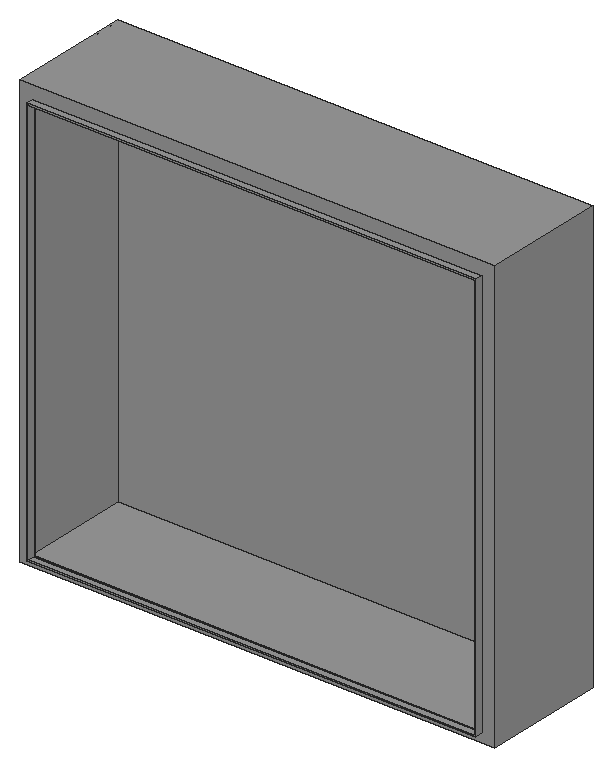
Revit family "Hager-Univers-IP30-D160-Cl.II-FWB-encl--NoHosted-NL-en", category Equipement électrique, Revit 2020
Family settings
  Configuration du panneau = Deux colonnes, circuits au sein
  Cote de connecteur circulaire = Utiliser le diamètre
  Type d'élément = Tableau de raccordement
  Basée sur le plan de construction = Oui
  Toujours verticalement = Oui
  Couper avec des vides une fois chargée = Non
  Partagée = Non
  Point de calcul de pièce = Non
Parameters (values of type "Surface mounted (plaster) IP30 W550 H500 D160  - FWQ32D1")
  Width Control [instance] = if([EF000008 - Width] > Min Width, [EF000008 - Width], Min Width)  # 550 mm
  Commentaires du type = [HG000003 - Range]  # "Univers"
  Thickness Door [instance] = if([EF009171 - Material plate thickness door/cover] > 3 mm, 3 mm, [EF009171 - Material plate thickness door/cover])  # 1 mm
  Seal Frame Offset [instance] = 17 mm  # constant formula
  Plinth Visibility [instance] = [HG000027 - Plinth height] > 0 mm  # no
  Min Width [instance] = 100 mm  # constant formula
  Min Depth [instance] = (2 * [EF009170 - Material plate thickness cabinet]) + 1 mm  # 3 mm
  Min Height [instance] = 100 mm  # constant formula
  Internal Frame Depth [instance] = (Door System Depth * 0.5)  # 9 mm
  Panel Name [instance] = ""  # (empty or 0)
  Model = ""
  HG000027 - Plinth height = 0 mm
  HG000026 - Floor standing = no
  HG000024 - Bottom section height = 600 mm
  HG000023 - Double section enclosure = no
  HG000016 - Door 3d visibility [instance] = yes
  HG000015 - Clearance visibility [instance] = no
  HG000014 - Door on the right [instance] = yes
  HG000013 - Door on the left [instance] = not([HG000014 - Door on the right])  # no
  HG000012 - Door swing angle [instance] = 30.00°
  HG000010 - Asymmetric doors = no
  HG000009 - Double swing door = no
  HG000006 - Flush mounted = no
  HG000004 - Manufacturer reference = "FWQ32D1"
  HG000003 - Range = "Univers"
  HG000002 - With door or cover = no
  Frame Offset Bottom [instance] = 10 mm  # constant formula
  Frame Offset [instance] = 15 mm  # constant formula
  EF015940 - Cover with overpressure release = no
  EF011959 - Degree of protection (NEMA) = ""
  EF009554 - Number of openings for flange plates = 4
  EF009212 - Cover model = "EV009916 - With notch"
  EF009171 - Material plate thickness door/cover = 1 mm
  EF009170 - Material plate thickness cabinet = 1 mm
  EF008873 - Nominal current (In) = 125 A
  EF007800 - Suitable for lightning protection = no
  EF006306 - With lock = no
  EF006244 - Transparent cover/door = no
  EF005474 - Degree of protection (IP) = "EV006410 - IP30"
  EF004464 - Type of door = "EV002646 - Single"
  EF004427 - Number of modules = 72
  EF004293 - Impact strength = ""
  EF003532 - Suitable for outdoor use = no
  EF002950 - Width in number of modular spacings = 24
  EF001613 - Circuit integrity = "EV000494 - None"
  EF001596 - Material housing = "EV000179 - Steel"
  EF001131 - Internal depth = 160 mm
  EF001088 - Extension possible = yes
  EF000437 - Number of conduit inlets = 8
  EF000339 - Type of cover = "EV001012 - Cover"
  EF000266 - Number of rows = 6
  EF000218 - Built-in depth = 0 mm
  EF000118 - With mounting plate = yes
  EF000116 - RAL-number = "9010"
  EF000049 - Depth = 160 mm
  EF000040 - Height = 500 mm
  EF000008 - Width = 550 mm
  EF000007 - Colour = "EV000202 - White"
  EF000003 - Mounting method = "EV000384 - Surface mounted (plaster)"
  Door System Leaf Tolerance [instance] = 1.5 mm  # constant formula
  Door System Depth [instance] = 18 mm  # constant formula
  Door Height [instance] = Height Control - [HG000027 - Plinth height]  # 500 mm
  Description = ""
  Default Elevation = 1219.2 mm
  Connector Offset [instance] = Height Control / 2  # 250 mm
  Fabricant = "Hager"  # constant formula
  Height Control [instance] = if([EF000040 - Height] > Min Height, [EF000040 - Height], Min Height)  # 500 mm
  Depth Control [instance] = if([EF000049 - Depth] > Min Depth, [EF000049 - Depth], Min Depth)  # 160 mm
  Bottom Top Plate Trim [instance] = 1.5 mm  # constant formula
  Plinth height Ctrl [instance] = if([HG000027 - Plinth height] > 0 mm, [HG000027 - Plinth height], 12 mm)  # 12 mm
Types (2, lengths in mm): name | Width Control | Thickness Door | Min Depth | HG000004 - Manufacturer reference | EF009554 - Number of openings for flange plates | EF009171 - Material plate thickness door/cover | EF009170 - Material plate thickness cabinet | EF004427 - Number of modules | EF002950 - Width in number of modular spacings | EF000437 - Number of conduit inlets | EF000266 - Number of rows | EF000008 - Width
  Surface mounted (plaster) IP30 W300 H500 D160  - FWQ31D1 | 300 | 2 | 5 | "FWQ31D1" | 2 | 2 | 2 | 36 | 12 | 4 | 3 | 300
  Surface mounted (plaster) IP30 W550 H500 D160  - FWQ32D1 | 550 | 1 | 3 | "FWQ32D1" | 4 | 1 | 1 | 72 | 24 | 8 | 6 | 550
Reference planes
  plane 1 "Center (Front/Back)": y = 0
  plane 2: z = 0
  plane 3 "Center (Left/Right)": x = 0
  plane 4: y = 0
  plane 5: y = 0
  plane 6: z = 0
  plane 7: x = -275
  plane 8: x = 275
  plane 9: x = 274
  plane 10: x = -274
  plane 11: z = 0
  plane 12: z = 1
  plane 13: y = -160
  plane 14: y = -1
  plane 15: x = 0
  plane 16: y = -142
  plane 17: y = -159
  plane 18: y = -141
  plane 19: x = -259
  plane 20: x = 259
  plane 21: z = 11
  plane 22: x = -258
  plane 23: x = 258
  plane 24: z = 0
  plane 25: z = 500
  plane 26: z = 500
  plane 27: z = 484
  plane 28: z = 499
Forms (mm)
  Extrusion 1, solid, material "Hager_Steel_RAL7035_Light_Grey", detail levels medium+fine
    sketch origin (-208.679, -4572, 0) x (-1, 0, 0) y (0, -1, 0)
      loop
        line (66.321, -4430) -> (-483.679, -4430) -> (-483.679, -4572) -> (66.321, -4572) -> (66.321, -4430)
    from 0 to 500
  Extrusion 2, void
    sketch origin (-350.771, -160, 1219.2) x (1, 0, 0) y (0, 0, 1)
      loop
        line (76.771, -720.2) -> (76.771, -1218.2) -> (624.771, -1218.2) -> (624.771, -720.2) -> (76.771, -720.2)
    from -19 to -159
  Extrusion 3, void
    sketch origin (-290.084, -142, 1219.2) x (1, 0, 0) y (0, 0, 1)
      loop
        line (31.084, -1208.2) -> (549.084, -1208.2) -> (549.084, -735.2) -> (31.084, -735.2) -> (31.084, -1208.2)
    from 0 to -1
  Extrusion 4, solid, material "Hager_Steel_RAL7035_Light_Grey", visible <- "Plinth Visibility", detail levels medium+fine
    sketch origin (0, 0, 0) x (1, 0, 0) y (0, 1, 0)
      loop
        line (-275, 0) -> (-275, -142) -> (275, -142) -> (275, 0) -> (-275, 0)
    from 0 to 12 <- "Plinth height Ctrl"
  Extrusion 5, solid, material "Hager_Steel_RAL7035_Light_Grey", detail levels coarse
    sketch origin (0, 0, 0) x (1, 0, 0) y (0, 1, 0)
      loop
        line (-275, 0) -> (-275, -160) -> (275, -160) -> (275, 0) -> (-275, 0)
    from 0 to 500 <- "Height Control"
  Sweep 6, void
    path in 3D
      loop
        line (-275, -142, 12) -> (275, -142, 12) -> (275, 0, 12) -> (-275, 0, 12) -> (-275, -142, 12)
    profile origin (-275, -71, 12) x (1, 0, 0) y (0, 0, 1)
      loop
        line (0, 0) -> (0, -1.5) -> (1.5, -1.5)
        arc (1.5, -1.5) -> (1.061, -0.439) -> (0, 0) r 1.5
  Extrusion 7, solid, material "Hager_Steel_RAL7035_Light_Grey", detail levels fine
    sketch origin (-275, -142, 0) x (1, 0, 0) y (0, 0, 1)
      loop
        line (16, 11) -> (534, 11) -> (534, 484) -> (16, 484) -> (16, 11)
      loop
        line (15, 10) -> (535, 10) -> (535, 485) -> (15, 485) -> (15, 10)
    from 0 to 9 <- "Internal Frame Depth"
Cuts and joins
  Extrusion 2, Extrusion 3 cuts Extrusion 1
  Sweep 6 cuts Extrusion 4
Lines and regions (mm)
  Masking region 1
    outline origin (0, 0, 0) x (1, 0, 0) y (0, 1, 0)
      loop
        line (-275, 0) -> (-275, -160) -> (275, -160) -> (275, 0) -> (-275, 0)
  Masking region 2, detail levels coarse
    outline origin (-290.084, -142, 1219.2) x (-1, 0, 0) y (0, 0, 1)
      loop
        line (-565.084, -1219.2) -> (-15.084, -1219.2) -> (-15.084, -719.2) -> (-565.084, -719.2) -> (-565.084, -1219.2)
  Masking region 3, detail levels coarse
    outline origin (0, 0, 0) x (0, 1, 0) y (0, 0, 1)
      loop
        line (0, 0) -> (0, 500) -> (-160, 500) -> (-160, 0) -> (0, 0)
  Masking region 4, visible <- "Plinth Visibility", detail levels medium+fine
    outline origin (0, 0, 0) x (0, 1, 0) y (0, 0, 1)
      loop
        line (-1.5, 12) -> (-140.5, 12)
        arc (-140.5, 12) -> (-140.939, 10.939) -> (-142, 10.5) r 1.5
        line (-142, 10.5) -> (-142, 0) -> (0, 0) -> (0, 10.5)
        arc (0, 10.5) -> (-1.061, 10.939) -> (-1.5, 12) r 1.5
  Masking region 5, detail levels medium+fine
    outline origin (0, 0, 594.038) x (0, 1, 0) y (0, 0, 1)
      loop
        line (0, -594.038) -> (0, -94.038) -> (-142, -94.038) -> (-142, -594.038) -> (0, -594.038)
  Masking region 6, detail levels medium+fine
    outline origin (-359.7, -142, 1211.883) x (-1, 0, 0) y (0, 0, 1)
      loop
        line (-634.7, -1211.883) -> (-84.7, -1211.883) -> (-84.7, -711.883) -> (-634.7, -711.883) -> (-634.7, -1211.883)
  Masking region 7, visible <- "Plinth Visibility", detail levels medium+fine
    outline origin (-320.334, -142, 1041.368) x (-1, 0, 0) y (0, 0, 1)
      loop
        line (-595.334, -1041.368) -> (-45.334, -1041.368) -> (-45.334, -1030.868)
        arc (-45.334, -1030.868) -> (-46.394, -1030.429) -> (-46.834, -1029.368) r 1.5
        line (-46.834, -1029.368) -> (-593.834, -1029.368)
        arc (-593.834, -1029.368) -> (-594.273, -1030.429) -> (-595.334, -1030.868) r 1.5
        line (-595.334, -1030.868) -> (-595.334, -1041.368)
  sketch lines
    curve 1: line (-275, 0, 12) -> (-275, -142, 12)
    curve 2: line (-275, -142, 12) -> (275, -142, 12)
    curve 3: line (275, 0, 12) -> (-275, 0, 12)
    curve 4: line (275, -142, 12) -> (275, 0, 12)
Dimensions and locks
  locked: plane 1 "Center (Front/Back)" to plane 5
  "EF009170 - Material plate thickness cabinet": plane 7 to plane 10
  "EF009170 - Material plate thickness cabinet": plane 8 to plane 9
  equal spacing: plane 7, plane 3 "Center (Left/Right)", plane 8
  "Width Control": plane 7 to plane 8
  "Depth Control": plane 4 to plane 13
  "EF009170 - Material plate thickness cabinet": plane 4 to plane 14
  "Height Control": plane 25 to level
  "HG000027 - Plinth height": plane 11 to level
  "EF009170 - Material plate thickness cabinet": plane 12 to plane 11
  "EF009170 - Material plate thickness cabinet": plane 17 to plane 13
  "EF009170 - Material plate thickness cabinet": plane 18 to plane 16
  "Frame Offset Bottom": plane 21 to plane 12
  "Frame Offset": plane 10 to plane 19
  "Frame Offset": plane 9 to plane 20
  "Door System Depth": plane 16 to plane 13
  "Seal Frame Offset": plane 7 to plane 22
  "Seal Frame Offset": plane 8 to plane 23
  "EF009170 - Material plate thickness cabinet": plane 26 to plane 28
  "Frame Offset": plane 28 to plane 27
  "Connector Offset": plane 2 to connector elem
  "Bottom Top Plate Trim": profile plane to Sweep 6 sketch curve
  "Bottom Top Plate Trim": Sweep 6 sketch curve to Sweep 6 sketch curve
  "Plinth height Ctrl": Masking region 4 sketch curve to level
  "Plinth height Ctrl": Masking region 7 sketch curve to level
  "Thickness Door": Extrusion 7 sketch curve to Extrusion 7 sketch curve  (x4)
  "Bottom Top Plate Trim": radius of Sweep 6 sketch curve
  "Bottom Top Plate Trim": radius of Masking region 4 sketch curve  (x2)
  "Bottom Top Plate Trim": radius of Masking region 7 sketch curve  (x2)
  aligned and locked: Extrusion 2 sketch curve to plane 12
  aligned and locked: Extrusion 2 sketch curve to plane 9
  aligned and locked: Extrusion 2 sketch curve to plane 10
  aligned and locked: plane 14 to Extrusion 2
  aligned and locked: plane 4 to Extrusion 1 sketch curve
  aligned and locked: plane 8 to Extrusion 1 sketch curve
  aligned and locked: plane 7 to Extrusion 1 sketch curve
  aligned and locked: Extrusion 2 to plane 18
  aligned and locked: plane 19 to Extrusion 3 sketch curve
  aligned and locked: plane 20 to Extrusion 3 sketch curve
  aligned and locked: Extrusion 3 to Extrusion 2
  aligned and locked: Extrusion 3 sketch curve to plane 21
  aligned and locked: plane 3 "Center (Left/Right)" to nested 1
  aligned and locked: Extrusion 1 sketch curve to plane 16
  aligned and locked: Extrusion 4 sketch curve to cut or joined group of Extrusion 1, Extrusion 2, Extrusion 3
  aligned and locked: Masking region 1 sketch curve to plane 7
  aligned and locked: Masking region 1 sketch curve to plane 5
  aligned and locked: Masking region 1 sketch curve to plane 8
  aligned and locked: Masking region 2 sketch curve to level
  aligned and locked: level to Masking region 3 sketch curve
  aligned and locked: plane 1 "Center (Front/Back)" to Masking region 3 sketch curve
  aligned and locked: plane 13 to Masking region 3 sketch curve
  aligned and locked: plane 5 to Masking region 4 sketch curve
  aligned and locked: Masking region 2 sketch curve to plane 8
  aligned and locked: Masking region 2 sketch curve to plane 7
  aligned and locked: plane 7 to nested 2
  aligned and locked: nested 2 to plane 5
  aligned and locked: plane 5 to Masking region 5 sketch curve
  aligned and locked: plane 26 to Masking region 5 sketch curve
  aligned and locked: Extrusion 5 sketch curve to plane 8
  aligned and locked: Extrusion 5 sketch curve to plane 7
  aligned and locked: Extrusion 5 sketch curve to plane 5
  aligned and locked: Extrusion 3 sketch curve to plane 27
  aligned and locked: Extrusion 2 sketch curve to plane 28
  aligned and locked: Masking region 2 to plane 25
  aligned and locked: Extrusion 4 to plane 16
  aligned and locked: profile plane to Sweep 6 sketch curve
  aligned and locked: Masking region 5 sketch curve to plane 24
  aligned and locked: level to Masking region 4 sketch curve
  aligned and locked: Masking region 1 to plane 13
  aligned and locked: nested 1 to plane 16
  aligned and locked: Masking region 3 to plane 25
  aligned and locked: plane 16 to Masking region 4 sketch curve
  aligned and locked: Masking region 5 sketch curve to plane 16
  aligned and locked: plane 24 to plane 11
  aligned and locked: plane 26 to plane 25
  aligned and locked: plane 26 to cut or joined group of Extrusion 1, Extrusion 2, Extrusion 3
  aligned and locked: nested 1 to plane 24
  aligned and locked: Extrusion 1 to Extrusion 3
  aligned and locked: Masking region 6 sketch curve to plane 8
  aligned and locked: Masking region 6 sketch curve to plane 24
  aligned and locked: Masking region 6 sketch curve to plane 7
  aligned and locked: Masking region 6 sketch curve to plane 26
  aligned and locked: Masking region 7 sketch curve to plane 7
  aligned and locked: level to Masking region 7 sketch curve
  aligned and locked: Masking region 7 sketch curve to plane 8
  aligned and locked: Extrusion 7 sketch curve to cut or joined group of Extrusion 1, Extrusion 2, Extrusion 3  (x4)
Automatic sketch dimensions
  plane 19 to Extrusion 3 sketch curve = 0 mm
  Extrusion 3 sketch curve to plane 20 = 0 mm
  Extrusion 3 sketch curve to plane 21 = 0 mm
  Extrusion 4 sketch curve to plane 7 = 0 mm
  Extrusion 4 sketch curve to plane 8 = 0 mm
  Extrusion 4 sketch curve to plane 16 = 0 mm
  Masking region 1 sketch curve to plane 13 = 0 mm
  Masking region 2 sketch curve to plane 25 = 0 mm
  Masking region 3 sketch curve to plane 25 = 0 mm
  Extrusion 5 sketch curve to plane 13 = 0 mm
  profile plane to Sweep 6 sketch curve = 0 mm
Nested families
  nested 1: "EC000058_Univers_Door" at (0, -142, 0), Double <- "HG000009 - Double swing door", Transparent <- "EF006244 - Transparent cover/door", Angle <- "HG000012 - Door swing angle", Door_Right <- "HG000014 - Door on the right", Assymetrical <- "HG000010 - Asymmetric doors", Door <- "HG000002 - With door or cover", Width_Ctrl <- "Width Control", 3d_Door <- "HG000016 - Door 3d visibility", Clearance <- "HG000015 - Clearance visibility", Door_Left <- "HG000013 - Door on the left", Width <- "Width Control", Door_Depth <- "Door System Depth", Leaf_Tolerance <- "Door System Leaf Tolerance", Height <- "Door Height", Lock_Visibility <- "EF006306 - With lock", Thickness <- "Thickness Door", type "EC000058_Univers_Door", detail levels medium+fine
    with min_wh 3 mm, Width_Ctrl 550 mm, Width 550 mm, Transparent no, Thickness 1 mm, Seal_Material Hager_Rubber, Lock_Visibility no, Lock_Material Hager_Plastic_RAL9005_Jet_Black, Leaf_Width 550 mm, Leaf_Tolerance_External_Sides 0 mm, Leaf_Tolerance 1.5 mm, Leaf_Offset 0 mm, Leaf_Height 497 mm, Leaf_2_Width 550 mm, Leaf_2_Offset 275 mm, Leaf_1_Width 550 mm, Leaf_1_Offset 275 mm, Height_Ctrl 500 mm, Height 500 mm, Glass_Material Hager_Glass, Double_Clearance_Ctrl no, Double no, Door_Right_Ctrl no, Door_Right yes, Door_Material Hager_Steel_RAL7035_Light_Grey, Door_Left_Ctrl no, Door_Left no, Door_Depth 18 mm, Door no, Clearance_Material Hager_Clearance, Clearance_Depth 550 mm, Clearance_Ctrl no, Clearance no, Assymetrical no, Angle 30.00°, 3d_Door yes
  nested 2: "Hager_Enclosure_Symbol" at (-275, 0, 0), Height <- "Depth Control", Width <- "Width Control", type "Hager_Enclosure_Symbol"
    with Width_Ctrl 550 mm, Width 550 mm, Height_Ctrl 160 mm, Height 160 mm, A_Width_Int 10.5 mm, A_Width 126 mm, A_Height_Ctrl 140 mm, A_Height 140 mm
Connectors
  electrical at (0, 0, 250)
    settings: on plane 1 "Center (Front/Back)", index 1, voltage 0 V, apparent load 0 VA, apparent load phase1 0 VA, apparent load phase2 0 VA, apparent load phase3 0 VA, power factor 1, load classification "Other", number of poles 1, system type 30, power factor state 1, is connector primary yes, connector utility no, sub classification motor no, connector description ""
Definition of nested family "EC000058_Univers_Door"
  Parameters (values of type "EC000058_Univers_Door")
    min_wh [instance] = (2 * Thickness) + 1 mm  # 11 mm
    Width_Ctrl [instance] = 400 mm
    Width [instance] = 500 mm
    Transparent [instance] = yes
    Thickness [instance] = 5 mm
    Seal_Material [instance] = none
    Lock_Visibility [instance] = yes
    Lock_Material [instance] = none
    Leaf_Width [instance] = if((Width_Ctrl - 2 * Leaf_Tolerance_External_Sides) > 0 mm, (Width_Ctrl - 2 * Leaf_Tolerance_External_Sides), min_wh)  # 400 mm
    Leaf_Tolerance_External_Sides [instance] = 0 mm  # constant formula
    Leaf_Tolerance [instance] = 1.5 mm
    Leaf_Offset [instance] = 0 mm  # constant formula
    Leaf_Height [instance] = if((Height_Ctrl - 2 * Leaf_Tolerance) > 0 mm, (Height_Ctrl - 2 * Leaf_Tolerance), min_wh)  # 497 mm
    Leaf_2_Width [instance] = if(and(and(Double, Assymetrical), Door_Left), (Leaf_Width / 3) - (Leaf_Tolerance / 2), if(and(and(Double, Assymetrical), Door_Right), (Leaf_Width / 3) * 2 - (Leaf_Tolerance / 2), if(and(Double, not(Assymetrical)), (Leaf_Width / 2) - Leaf_Tolerance, Leaf_Width)))  # 400 mm
    Leaf_2_Offset [instance] = if(and(Double, Assymetrical), Leaf_2_Width / 2, if(and(Double, not(Assymetrical)), Leaf_Width / 4, Leaf_Width / 2))  # 200 mm
    Leaf_1_Width [instance] = if(and(and(Double, Assymetrical), Door_Right), (Leaf_Width / 3) - (Leaf_Tolerance / 2), if(and(and(Double, Assymetrical), Door_Left), (Width / 3) * 2 - (Leaf_Tolerance / 2), if(and(Double, not(Assymetrical)), (Leaf_Width / 2) - Leaf_Tolerance, Leaf_Width)))  # 400 mm
    Leaf_1_Offset [instance] = if(and(Double, Assymetrical), Leaf_1_Width / 2, if(and(Double, not(Assymetrical)), Leaf_Width / 4, Leaf_Width / 2))  # 200 mm
    Height_Ctrl [instance] = if(Height > min_wh, Height, min_wh)  # 500 mm
    Height [instance] = 500 mm
    Glass_Material [instance] = none
    Double_Clearance_Ctrl [instance] = and(Double, Clearance)  # no
    Double [instance] = no
    Door_Right_Ctrl [instance] = and(or(Door_Right, Double), Door)  # yes
    Door_Right [instance] = yes
    Door_Material [instance] = none
    Door_Left_Ctrl [instance] = and(or(Door_Left, Double), Door)  # no
    Door_Left [instance] = no
    Door_Depth [instance] = 30 mm
    Door [instance] = yes
    Default Elevation = 1219.2 mm
    Clearance_Material [instance] = none
    Clearance_Depth [instance] = if(Leaf_1_Width > Leaf_2_Width, Leaf_1_Width, Leaf_2_Width)  # 400 mm
    Clearance_Ctrl [instance] = and(not(Double), Clearance)  # yes
    Clearance [instance] = yes
    Assymetrical [instance] = yes
    Angle [instance] = 30.00°
    3d_Door [instance] = yes
  Reference planes
    plane 1 "Center (Front/Back)": y = 0
    plane 2 "Bottom": z = 0
    plane 3 "Center (Left/Right)": x = 0
    plane 4: z = 500
    plane 5: x = -200
    plane 6: x = 200
    plane 7: z = 500
    plane 8: x = -200
    plane 9: z = 0
    plane 10: x = 200
    plane 11: y = 0
    plane 12: z = 1.5
    plane 13: x = -600
    plane 14: y = -400
    plane 15: x = 600
    plane 16: x = 0
    plane 17: x = 0
    plane 18: x = -200
    plane 19: x = 200
    plane 20: z = 498.5
  Forms (mm)
    Extrusion 1, solid, material <- "Clearance_Material", visible <- "Double_Clearance_Ctrl"
      sketch origin (1200, 0, 0) x (1, 0, 0) y (0, 0, -1)
        loop
          line (-1800, -498.5) -> (-600, -498.5) -> (-600, 0) -> (-1800, 0) -> (-1800, -498.5)
      from 0 to -400
  Dimensions and locks
    equal spacing: plane 5, plane 3 "Center (Left/Right)", plane 6
    "Width_Ctrl": plane 5 to plane 6
    "Leaf_Offset": plane 5 to plane 8
    "Leaf_Offset": plane 6 to plane 10
    "Leaf_Offset": plane 9 to level
    "Leaf_Offset": plane 4 to plane 7
    "Height_Ctrl": plane 4 to level
    "Leaf_Tolerance": plane 12 to plane 9
    locked: plane 11 to plane 1 "Center (Front/Back)"
    "Leaf_1_Offset": plane 18 to plane 16
    "Leaf_2_Offset": plane 17 to plane 19
    "Leaf_1_Width": plane 13 to plane 8
    "Leaf_2_Width": plane 10 to plane 15
    "Clearance_Depth": plane 14 to plane 1 "Center (Front/Back)"
    "Leaf_Tolerance_External_Sides": plane 8 to plane 18
    "Leaf_Tolerance_External_Sides": plane 19 to plane 10
    "Leaf_Tolerance": plane 7 to plane 20
    aligned and locked: level to plane 2 "Bottom"
    aligned and locked: nested 1 to plane 16
    aligned and locked: nested 2 to plane 17
    aligned and locked: Extrusion 1 to plane 13
    aligned and locked: plane 15 to Extrusion 1
    aligned and locked: Extrusion 1 to plane 14
    aligned and locked: plane 12 to nested 1
    aligned and locked: nested 2 to plane 12
    aligned and locked: Extrusion 1 to plane 11
    aligned and locked: plane 20 to Extrusion 1
    aligned and locked: nested 2 to plane 11
    aligned and locked: nested 1 to plane 11
  Automatic sketch dimensions
    Extrusion 1 sketch curve to level = 0 mm
    plane 5 to Extrusion 1 sketch curve = 400 mm
    plane 6 to Extrusion 1 sketch curve = 400 mm
    Extrusion 1 sketch curve to plane 4 = 1.5 mm
  Nested families
    nested 1: "EC000058_Univers_Door_Leaf" at (0, 0, 1.5), Width <- "Leaf_1_Width", visible <- "Door_Left_Ctrl", Leaf_Height <- "Leaf_Height", Angle <- "Angle", 3d_Door <- "3d_Door", Transparent <- "Transparent", Clearance Material <- "Clearance_Material", Clearance <- "Clearance_Ctrl", Door_Material <- "Door_Material", Glass_Material <- "Glass_Material", Door_Depth <- "Door_Depth", Lock_Material <- "Lock_Material", Seal_Material <- "Seal_Material", Lock_Visibility <- "Lock_Visibility", Thickness <- "Thickness", type "EC000058_Univers_Door_Leaf"
      with Width 400 mm, Transparent_Glass_Offset 30 mm, Transparent_Ctrl yes, Transparent yes, Thickness 5 mm, Standard no, Seal_Material none, Seal_D2 8 mm, Seal_D1 1 mm, Offset_Internal_Frame 10 mm, Lock_Width 20 mm, Lock_Visibility_3d yes, Lock_Visibility yes, Lock_Thickness_3 3 mm, Lock_Thickness_2 1 mm, Lock_Thickness_1 3 mm, Lock_Radius_Offset_2 16 mm, Lock_Radius_Offset_1 15 mm, Lock_Radius_2 5 mm, Lock_Radius 6 mm, Lock_Offset 5 mm, Lock_Material none, Lock_Height 80 mm, Lock_Cover_Top_Offset_2d 17 mm, Lock_Cover_Height -65 mm, Leaf_Height 497 mm, Internal_Seal_Thickness 8 mm, Internal_Seal_Depth_2 4.5 mm, Internal_Frame_Depth 25 mm, Glass_Thickness -1 mm, Glass_Offset -2 mm, Glass_Material none, Door_Material none, Door_Depth 30 mm, Clearance Material none, Clearance yes, Angle_Ctrl 30.00°, Angle 30.00°, 3d_Door yes
    nested 2: "EC000058_Univers_Door_Leaf" at (0, 0, 1.5) x (-1, 0, 0) z (0, 0, 1), Width <- "Leaf_2_Width", visible <- "Door_Right_Ctrl", Leaf_Height <- "Leaf_Height", Angle <- "Angle", 3d_Door <- "3d_Door", Transparent <- "Transparent", Clearance Material <- "Clearance_Material", Clearance <- "Clearance_Ctrl", Door_Material <- "Door_Material", Glass_Material <- "Glass_Material", Door_Depth <- "Door_Depth", Lock_Material <- "Lock_Material", Seal_Material <- "Seal_Material", Lock_Visibility <- "Lock_Visibility", Thickness <- "Thickness", type "EC000058_Univers_Door_Leaf"
      with Width 400 mm, Transparent_Glass_Offset 30 mm, Transparent_Ctrl yes, Transparent yes, Thickness 5 mm, Standard no, Seal_Material none, Seal_D2 8 mm, Seal_D1 1 mm, Offset_Internal_Frame 10 mm, Lock_Width 20 mm, Lock_Visibility_3d yes, Lock_Visibility yes, Lock_Thickness_3 3 mm, Lock_Thickness_2 1 mm, Lock_Thickness_1 3 mm, Lock_Radius_Offset_2 16 mm, Lock_Radius_Offset_1 15 mm, Lock_Radius_2 5 mm, Lock_Radius 6 mm, Lock_Offset 5 mm, Lock_Material none, Lock_Height 80 mm, Lock_Cover_Top_Offset_2d 17 mm, Lock_Cover_Height -65 mm, Leaf_Height 497 mm, Internal_Seal_Thickness 8 mm, Internal_Seal_Depth_2 4.5 mm, Internal_Frame_Depth 25 mm, Glass_Thickness -1 mm, Glass_Offset -2 mm, Glass_Material none, Door_Material none, Door_Depth 30 mm, Clearance Material none, Clearance yes, Angle_Ctrl 30.00°, Angle 30.00°, 3d_Door yes
  Definition of nested family "EC000058_Univers_Door_Leaf"
    Parameters (values of type "EC000058_Univers_Door_Leaf")
      Width [instance] = 2000 mm
      Transparent_Glass_Offset [instance] = 30 mm
      Transparent_Ctrl [instance] = and(Transparent, [3d_Door])  # yes
      Transparent [instance] = yes
      Thickness [instance] = 5 mm
      Standard [instance] = and(not(Transparent), [3d_Door])  # no
      Seal_Material [instance] = none
      Seal_D2 [instance] = 8 mm  # constant formula
      Seal_D1 [instance] = 1 mm  # constant formula
      Offset_Internal_Frame [instance] = 10 mm  # constant formula
      Lock_Width [instance] = 20 mm  # constant formula
      Lock_Visibility_3d [instance] = and(Lock_Visibility, [3d_Door])  # yes
      Lock_Visibility [instance] = yes
      Lock_Thickness_3 [instance] = 3 mm  # constant formula
      Lock_Thickness_2 [instance] = 1 mm  # constant formula
      Lock_Thickness_1 [instance] = 3 mm  # constant formula
      Lock_Radius_Offset_2 [instance] = Lock_Radius_Offset_1 + 1 mm  # 16 mm
      Lock_Radius_Offset_1 [instance] = 15 mm  # constant formula
      Lock_Radius_2 [instance] = Lock_Radius - 1 mm  # 5 mm
      Lock_Radius [instance] = 6 mm  # constant formula
      Lock_Offset [instance] = 5 mm  # constant formula
      Lock_Material [instance] = none
      Lock_Height [instance] = 80 mm  # constant formula
      Lock_Cover_Top_Offset_2d [instance] = Lock_Radius_Offset_2 + 1 mm  # 17 mm
      Lock_Cover_Height [instance] = -(Lock_Height - Lock_Radius_Offset_1)  # -65 mm
      Leaf_Height [instance] = 2720.336 mm
      Internal_Seal_Thickness [instance] = 8 mm  # constant formula
      Internal_Seal_Depth_2 [instance] = 4.5 mm  # constant formula
      Internal_Frame_Depth [instance] = if(Door_Depth - Thickness > 5 mm, Door_Depth - Thickness, 5 mm)  # 25 mm
      Glass_Thickness [instance] = if(Thickness > 15 mm, Glass_Offset + 10 mm, -1 mm)  # -1 mm
      Glass_Offset [instance] = if(Thickness > 15 mm, -(Thickness + 10 mm) / 2, -2 mm)  # -2 mm
      Glass_Material [instance] = none
      Door_Material [instance] = none
      Door_Depth [instance] = 30 mm
      Default Elevation = 0 mm
      Clearance Material [instance] = none
      Clearance [instance] = yes
      Angle_Ctrl [instance] = if(Angle > 180.00°, 180.00°, Angle)  # 90.00°
      Angle [instance] = 90.00°
      3d_Door [instance] = yes
    Reference planes
      plane 1 "Center (Front/Back)": y = 0
      plane 2: z = 0
      plane 3 "Center (Left/Right)": x = 0
      plane 4: y = 2000
      plane 5: x = -1000
      plane 6: x = 1000
      plane 7: x = -3000
      plane 8: z = 2720.336
      plane 9: z = 30
      plane 10: z = 2690.336
      plane 11: x = 970
      plane 12: x = -970
      plane 13: y = -3
      plane 14: z = 107.833
      plane 15: y = -5
      plane 16: y = -223.314
      plane 17: x = -1000
      plane 18: z = 1360.168
      plane 19: y = 30
    Forms (mm)
      Extrusion 1, solid, material <- "Clearance Material", visible <- "Clearance"
        sketch origin (0, 0, 0) x (1, 0, 0) y (0, 0, 1)
          loop
            line (-3000, 2720.336) -> (-3000, 0) -> (1000, 0) -> (1000, 2720.336) -> (-3000, 2720.336)
        from 0 to -2000
      Extrusion 2, solid, material <- "Door_Material", visible <- "Standard", detail levels medium+fine
        sketch origin (-1000, 0, 0) x (0, 1, 0) y (-1, 0, 0)
          loop
            line (0, 30) -> (0, 25) -> (2000, 25) -> (2000, 30) -> (0, 30)
        from 0 to 2720.336 <- "Leaf_Height"
      Extrusion 3, solid, material <- "Door_Material", visible <- "Transparent_Ctrl", detail levels medium+fine
        sketch origin (-1000, 0, 0) x (0, 1, 0) y (-1, 0, 0)
          loop
            line (0, 25) -> (2000, 25) -> (2000, 30) -> (0, 30) -> (0, 25)
        from 0 to 2720.336 <- "Leaf_Height"
      Extrusion 4, void
        sketch origin (-1025, 2000, 0) x (0, 1, 0) y (0, 0, -1)
          loop
            line (-30, -2690.336) -> (-30, -30) -> (-1970, -30) -> (-1970, -2690.336) -> (-30, -2690.336)
        from 0 to 5 <- "Thickness"
      Sweep 5, solid, material <- "Seal_Material", visible <- "Transparent_Ctrl", detail levels fine
        path in 3D
          loop
            line (-1025, 30, 30) -> (-1025, 30, 2690.336) -> (-1025, 1970, 2690.336) -> (-1025, 1970, 30) -> (-1025, 30, 30)
        profile origin (-1025, 1000, 30) x (1, 0, 0) y (0, 0, 1)
          loop
            line (0, 0) -> (0, -8) -> (1, -8) -> (1, 0) -> (0, 0)
      Extrusion 6, solid, material <- "Glass_Material", visible <- "Transparent_Ctrl", detail levels medium+fine
        sketch origin (-1030, 0, 0) x (0, 1, 0) y (0, 0, -1)
          loop
            line (1970, -2690.336) -> (1970, -30) -> (30, -30) -> (30, -2690.336) -> (1970, -2690.336)
        from -2 <- "Glass_Offset" to -1 <- "Glass_Thickness"
      Extrusion 7, solid, material <- "Door_Material", visible <- "3d_Door", detail levels medium+fine
        sketch origin (-1025, 2000, 0) x (0, -1, 0) y (0, 0, -1)
          loop
            line (0, -2720.336) -> (2000, -2720.336) -> (2000, 0) -> (0, 0) -> (0, -2720.336)
          loop
            line (1995, -5) -> (5, -5) -> (5, -2715.336) -> (1995, -2715.336) -> (1995, -5)
        from 0 to 25 <- "Internal_Frame_Depth"
      Sweep 8, solid, material <- "Seal_Material", visible <- "Transparent_Ctrl", detail levels fine
        path in 3D
          loop
            line (-1025, 0, 0) -> (-1025, 2000, 0) -> (-1025, 2000, 2720.336) -> (-1025, 0, 2720.336) -> (-1025, 0, 0)
        profile origin (-1025, 0, 1360.168) x (1, 0, 0) y (0, 1, 0)
          loop
            line (0, 10) -> (2.975, 10)
            arc (2.975, 10) -> (4.053, 10.447) -> (4.5, 11.525) r 1.525
            line (4.5, 11.525) -> (4.5, 16.527)
            arc (4.5, 16.527) -> (4.069, 17.569) -> (3.027, 18) r 1.473
            line (3.027, 18) -> (0, 18) -> (0, 10)
      Extrusion 9, solid, material <- "Lock_Material", visible <- "Lock_Visibility_3d", detail levels fine
        sketch origin (-1030, 0, 0) x (0, 1, 0) y (0, 0, -1)
          loop
            arc (1993.5, -1400.168) -> (1994.561, -1399.729) -> (1995, -1398.668) r 1.5
            line (1995, -1398.668) -> (1995, -1320.168) -> (1975, -1320.168) -> (1975, -1398.668)
            arc (1975, -1398.668) -> (1975.439, -1399.729) -> (1976.5, -1400.168) r 1.5
            line (1976.5, -1400.168) -> (1993.5, -1400.168)
        from 3 <- "Lock_Thickness_1" to 0
      Blend 10, solid, material <- "Lock_Material", visible <- "Lock_Visibility_3d", detail levels fine
        base sketch origin (-1033, 0, 0) x (0, 1, 0) y (0, 0, -1)
          loop
            line (1975, -1320.168) -> (1975, -1398.668)
            arc (1975, -1398.668) -> (1975.439, -1399.729) -> (1976.5, -1400.168) r 1.5
            line (1976.5, -1400.168) -> (1993.5, -1400.168)
            arc (1993.5, -1400.168) -> (1994.561, -1399.729) -> (1995, -1398.668) r 1.5
            line (1995, -1398.668) -> (1995, -1320.168) -> (1975, -1320.168)
        top sketch origin (-1033, 0, 0) x (0, 1, 0) y (0, 0, -1)
          loop
            line (1976, -1320.168) -> (1976, -1398.668)
            arc (1976, -1398.668) -> (1976.146, -1399.022) -> (1976.5, -1399.168) r 0.5
            line (1976.5, -1399.168) -> (1993.5, -1399.168)
            arc (1993.5, -1399.168) -> (1993.854, -1399.022) -> (1994, -1398.668) r 0.5
            line (1994, -1398.668) -> (1994, -1320.168) -> (1976, -1320.168)
        from 0 to 1 <- "Lock_Thickness_2"
      Blend 11, solid, material <- "Lock_Material", visible <- "Lock_Visibility_3d", detail levels fine
        base sketch origin (-1034, 0, 0) x (0, 1, 0) y (0, 0, -1)
          loop
            line (1978, -1320.168) -> (1978, -1384.168)
            arc (1978, -1384.168) -> (1985, -1391.168) -> (1992, -1384.168) r 7
            line (1992, -1384.168) -> (1992, -1320.168) -> (1978, -1320.168)
        top sketch origin (-1034, 0, 0) x (0, 1, 0) y (0, 0, -1)
          loop
            line (1991, -1320.168) -> (1979, -1320.168) -> (1979, -1383.168)
            arc (1979, -1383.168) -> (1985, -1389.168) -> (1991, -1383.168) r 6
            line (1991, -1383.168) -> (1991, -1320.168)
        from 0 to 3 <- "Lock_Thickness_3"
      Extrusion 12, solid, material <- "Lock_Material", visible <- "Lock_Visibility_3d", detail levels fine
        sketch origin (-1030, 1975, 1320.168) x (1, 0, 0) y (0, -1, 0)
          loop
            line (-7, -19) -> (-7, -1) -> (0, -1) -> (0, 0) -> (-8, 0) -> (-8, -20) -> (0, -20) -> (0, -19) -> (-7, -19)
        from 0 to -65 <- "Lock_Cover_Height"
      Extrusion 13, void
        sketch origin (-1038, 1995, 1320.168) x (-1, 0, 0) y (0, 0, -1)
          loop
            line (-5, -65) -> (0, -65) -> (-5, -60) -> (-5, -65)
        from 0 to 20 <- "Lock_Width"
      Extrusion 14, void
        sketch origin (-1038, 1975, 1320.168) x (0, -1, 0) y (0, 0, -1)
          loop
            circle (-10, -15.995) r 6
          loop
            circle (-10, -15.995) r 5
        from 0 to 2
      Extrusion 15, solid, material <- "Lock_Material", visible <- "Lock_Visibility_3d", detail levels medium
        sketch origin (-1030, 0, 0) x (0, 1, 0) y (0, 0, -1)
          loop
            arc (1993.5, -1400.168) -> (1994.561, -1399.729) -> (1995, -1398.668) r 1.5
            line (1995, -1398.668) -> (1995, -1320.168) -> (1975, -1320.168) -> (1975, -1398.668)
            arc (1975, -1398.668) -> (1975.439, -1399.729) -> (1976.5, -1400.168) r 1.5
            line (1976.5, -1400.168) -> (1993.5, -1400.168)
        from 8 to 0
    Cuts and joins
      Extrusion 4 cuts Extrusion 3
      Extrusion 13, Extrusion 14 cuts Extrusion 9
      Extrusion 14 cuts Blend 11
      Extrusion 13, Extrusion 14 cuts Extrusion 12
      joined: Extrusion 9, Blend 10, Blend 11, Extrusion 12
      Extrusion 14 cuts Extrusion 15
    Lines and regions (mm)
      Masking region 1, visible <- "Lock_Visibility", detail levels fine
        outline origin (0, 0, 0) x (0, 1, 0) y (0, 0, 1)
          loop
            line (30, 1320.168) -> (33, 1320.168) -> (33, 1400.168) -> (30, 1400.168) -> (30, 1320.168)
      Masking region 2, visible <- "Lock_Visibility", detail levels fine
        outline origin (0, 3.143, 0) x (0, 1, 0) y (0, 0, 1)
          loop
            line (29.857, 1354.168) -> (30.857, 1354.168) -> (30.857, 1366.168) -> (29.857, 1366.168) -> (29.857, 1354.168)
      Masking region 3, detail levels medium+fine
        outline origin (0, 0, 0) x (0, 1, 0) y (0, 0, 1)
          loop
            line (0, 0) -> (30, 0) -> (30, 2720.336) -> (0, 2720.336) -> (0, 0)
      Masking region 4, detail levels medium+fine
        outline origin (0, 0, 0) x (1, 0, 0) y (0, 0, 1)
          loop
            line (-1000, 2720.336) -> (-1000, 0) -> (1000, 0) -> (1000, 2720.336) -> (-1000, 2720.336)
      Masking region 5, visible <- "Lock_Visibility", detail levels fine
        outline origin (-47.116, 0, 0) x (1, 0, 0) y (0, 0, 1)
          loop
            arc (1024.616, 1399.168) -> (1023.556, 1398.729) -> (1023.116, 1397.668) r 1.5
            line (1023.116, 1397.668) -> (1023.116, 1320.168) -> (1041.116, 1320.168) -> (1041.116, 1397.668)
            arc (1041.116, 1397.668) -> (1040.677, 1398.729) -> (1039.616, 1399.168) r 1.5
            line (1039.616, 1399.168) -> (1024.616, 1399.168)
      Masking region 6, visible <- "Lock_Visibility", detail levels medium+fine
        outline origin (-25, 0, 0) x (1, 0, 0) y (0, 0, 1)
          loop
            arc (1001.5, 1400.168) -> (1000.439, 1399.729) -> (1000, 1398.668) r 1.5
            line (1000, 1398.668) -> (1000, 1320.168) -> (1020, 1320.168) -> (1020, 1398.668)
            arc (1020, 1398.668) -> (1019.561, 1399.729) -> (1018.5, 1400.168) r 1.5
            line (1018.5, 1400.168) -> (1001.5, 1400.168)
      Masking region 7, visible <- "Lock_Visibility", detail levels fine
        outline origin (-73.735, 0, 0) x (1, 0, 0) y (0, 0, 1)
          loop
            line (1051.735, 1382.168) -> (1065.735, 1382.168) -> (1065.735, 1384.168)
            arc (1065.735, 1384.168) -> (1058.735, 1391.168) -> (1051.735, 1384.168) r 7
            line (1051.735, 1384.168) -> (1051.735, 1382.168)
      Masking region 8, visible <- "Lock_Visibility", detail levels fine
        outline origin (-73.735, 0, 0) x (1, 0, 0) y (0, 0, 1)
          loop
            line (1052.735, 1382.168) -> (1064.735, 1382.168) -> (1064.735, 1383.168)
            arc (1064.735, 1383.168) -> (1058.735, 1389.168) -> (1052.735, 1383.168) r 6
            line (1052.735, 1383.168) -> (1052.735, 1382.168)
      Masking region 9, visible <- "Lock_Visibility", detail levels fine
        outline origin (-25, 0, 0) x (1, 0, 0) y (0, 0, 1)
          loop
            line (1020, 1320.168) -> (1020, 1382.168) -> (1000, 1382.168) -> (1000, 1320.168) -> (1020, 1320.168)
      Masking region 10, detail levels medium+fine
        outline origin (0, 0, 0) x (1, 0, 0) y (0, 0, 1)
          loop
            circle (985, 1335.144) r 6
      Masking region 11, detail levels fine
        outline origin (0, 0, 0) x (1, 0, 0) y (0, 0, 1)
          loop
            circle (985, 1335.144) r 5
      Masking region 12, visible <- "Lock_Visibility", detail levels fine
        outline origin (0, 12.767, 0) x (0, 1, 0) y (0, 0, 1)
          loop
            line (20.233, 1320.168) -> (21.233, 1320.168) -> (21.233, 1399.168) -> (20.233, 1400.168) -> (20.233, 1320.168)
      Masking region 13, visible <- "Lock_Visibility", detail levels fine
        outline origin (0, 13.767, -10) x (0, 1, 0) y (0, 0, 1)
          loop
            line (20.233, 1330.168) -> (23.233, 1330.168) -> (23.233, 1399.168) -> (20.233, 1402.168) -> (20.233, 1330.168)
      Masking region 14, visible <- "Lock_Visibility", detail levels fine
        outline origin (0, 12.767, -10) x (0, 1, 0) y (0, 0, 1)
          loop
            line (20.233, 1330.168) -> (25.233, 1330.168) -> (25.233, 1399.305) -> (20.233, 1394.305) -> (20.233, 1330.168)
      Masking region 15, visible <- "Lock_Visibility", detail levels medium
        outline origin (0, 0, 0) x (0, 1, 0) y (0, 0, 1)
          loop
            line (30, 1320.168) -> (38, 1320.168) -> (38, 1400.168) -> (30, 1400.168) -> (30, 1320.168)
      Masking region 16, visible <- "Lock_Visibility", detail levels fine
        outline origin (-1000, 0, 0) x (0, 1, 0) y (-1, 0, 0)
          loop
            line (1975, 30) -> (1995, 30) -> (1995, 38) -> (1975, 38) -> (1975, 30)
          loop
            line (1979, 37) -> (1976, 37) -> (1976, 34) -> (1978, 34) -> (1979, 37)
          loop
            line (1994, 37) -> (1991, 37) -> (1992, 34) -> (1994, 34) -> (1994, 37)
      Masking region 17, visible <- "Lock_Visibility", detail levels medium
        outline origin (-1000, 0, 0) x (0, 1, 0) y (-1, 0, 0)
          loop
            line (1975, 30) -> (1995, 30) -> (1995, 38) -> (1975, 38) -> (1975, 30)
      symbolic lines
        curve 1: line (1000, 0, 0) -> (-3000, 0, 0)
        curve 2: arc (1000, 0, 0) -> (-1000, 2000, 0) -> (-3000, 0, 0) r 2000
        curve 4: line (-1030, 0, 0) -> (-1030, 2000, 0)
      reference lines
        curve 3: line (-1000, 0, 0) -> (-1000, 2000, 0)
      symbolic lines, detail levels medium+fine
        curve 5: line (-1030, 2000, 0) -> (-1025, 2000, 0)
        curve 7: line (-1025, 0, 0) -> (-1030, 0, 0)
        curve 8: line (-1025, 0, 0) -> (-1000, 0, 0)
        curve 9: line (-1000, 0, 0) -> (-1000, 2000, 0)
        curve 10: line (-1000, 2000, 0) -> (-1025, 2000, 0)
      symbolic lines, detail levels fine
        curve 6: line (-1025, 2000, 0) -> (-1025, 0, 0)
      sketch lines
        curve 11: line (-1025, 0, 2720.336) -> (-1025, 0, 0)
        curve 12: line (-1025, 2000, 0) -> (-1025, 0, 0)
        curve 13: line (-1025, 2000, 2720.336) -> (-1025, 2000, 0)
        curve 14: line (-1025, 0, 2720.336) -> (-1025, 2000, 2720.336)
        curve 15: line (-1025, 1970, 30) -> (-1025, 30, 30)
        curve 16: line (-1025, 30, 30) -> (-1025, 30, 2690.336)
        curve 17: line (-1025, 1970, 2690.336) -> (-1025, 1970, 30)
        curve 18: line (-1025, 30, 2690.336) -> (-1025, 1970, 2690.336)
      symbolic lines, visible <- "Transparent", detail levels medium+fine
        curve 19: line (-970, 0, 2690.336) -> (970, 0, 2690.336)
        curve 20: line (-970, 0, 30) -> (-970, 0, 2690.336)
        curve 21: line (970, 0, 30) -> (-970, 0, 30)
        curve 22: line (970, 0, 2690.336) -> (970, 0, 30)
    Dimensions and locks
      "Width": plane 1 "Center (Front/Back)" to plane 4
      equal spacing: plane 5, plane 3 "Center (Left/Right)", plane 6
      "Width": plane 5 to plane 6
      "Width": plane 7 to plane 5
      "Leaf_Height": plane 8 to level
      "Width": curve 5 to curve 3
      "Width": curve 3 to curve 3
      plane 8 to plane 10 = 30 mm
      plane 9 to level = 30 mm
      plane 12 to plane 5 = 30 mm
      plane 6 to plane 11 = 30 mm
      Extrusion 1 to Extrusion 4 sketch curve = 30 mm
      "Transparent_Glass_Offset": curve 3 to Extrusion 4 sketch curve
      "Transparent_Glass_Offset": Extrusion 4 sketch curve to cut or joined group of Extrusion 3, Extrusion 4  (x2)
      cut or joined group of Extrusion 3, Extrusion 4 to Extrusion 6 sketch curve = 30 mm
      "Transparent_Glass_Offset": cut or joined group of Extrusion 3, Extrusion 4 to Extrusion 4 sketch curve
      "Thickness": curve 6 to curve 4
      "Thickness": Extrusion 7 sketch curve to Extrusion 7 sketch curve  (x4)
      "Door_Depth": curve 4 to curve 3
      "Offset_Internal_Frame": profile plane to Sweep 8 sketch curve
      "Internal_Seal_Thickness": Sweep 8 sketch curve to Sweep 8 sketch curve
      "Internal_Seal_Depth_2": profile plane to Sweep 8 sketch curve
      "Seal_D1": profile plane to Sweep 5 sketch curve
      "Seal_D2": profile plane to Sweep 5 sketch curve
      "Thickness": Extrusion 2 sketch curve to Extrusion 2 sketch curve
      equal spacing: Extrusion 9 sketch curve, plane 18, Extrusion 9 sketch curve  (x2)
      equal spacing: Masking region 1 sketch curve, plane 18, Masking region 1 sketch curve
      "Lock_Height": Masking region 1 sketch curve to Masking region 1 sketch curve
      "Lock_Radius": Masking region 2 sketch curve to plane 18 to Masking region 2 sketch curve
      Masking region 2 sketch curve to Masking region 1 = 1 mm
      "Door_Depth": plane 19 to plane 1 "Center (Front/Back)"
      "Lock_Thickness_1": Masking region 1 sketch curve to plane 19
      "Lock_Width": Extrusion 9 sketch curve to Extrusion 9 sketch curve
      "Lock_Height": Extrusion 9 sketch curve to Extrusion 9 sketch curve
      "Lock_Offset": cut or joined group of Extrusion 3, Extrusion 4 to Extrusion 9 sketch curve
      equal spacing: plane 8, plane 18, level
      "Lock_Radius_Offset_1": Blend 11 sketch curve to Blend 10
      locked: Blend 10 to Blend 11 sketch curve at 2  (x2)
      locked: var sketch to Blend 11 sketch curve at 1  (x2)
      "Lock_Radius_Offset_2": Blend 11 sketch curve to Blend 10
      locked: Extrusion 12 sketch curve to Extrusion 12 sketch curve at 1  (x3)
      Masking region 6 sketch curve to Masking region 6 sketch curve = 80 mm
      "Lock_Height": Masking region 6 sketch curve to Masking region 6 sketch curve
      "Lock_Width": Masking region 6 sketch curve to Masking region 6 sketch curve
      locked: Masking region 6 to Masking region 5 sketch curve at 1  (x3)
      locked: Masking region 5 to Masking region 7 sketch curve at 2  (x2)
      "Lock_Radius_Offset_1": Masking region 5 to Masking region 7 sketch curve
      "Lock_Radius_Offset_2": Masking region 5 to Masking region 8 sketch curve
      locked: Masking region 7 to Masking region 8 sketch curve at 1  (x2)
      "Lock_Cover_Top_Offset_2d": Masking region 5 to Masking region 9 sketch curve
      equal spacing: Masking region 9, Masking region 10 sketch curve, Masking region 9
      equal spacing: Masking region 9, Masking region 11 sketch curve, Masking region 9
      Extrusion 15 sketch curve to Extrusion 15 sketch curve = 80 mm
      "Lock_Width": Extrusion 15 sketch curve to Extrusion 15 sketch curve
      "Lock_Height": Extrusion 15 sketch curve to Extrusion 15 sketch curve
      equal spacing: Extrusion 15 sketch curve, plane 18, Extrusion 15 sketch curve
      "Lock_Thickness_3": Masking region 13 sketch curve to Masking region 13 sketch curve
      "Lock_Height": Masking region 12 sketch curve to Masking region 12 sketch curve
      locked: Masking region 13 sketch curve to Masking region 1 at 8
      locked: Masking region 14 sketch curve to Masking region 13 at 1
      locked: Masking region 14 sketch curve to Masking region 1 at 10.863
      "Lock_Height": Masking region 15 sketch curve to Masking region 15 sketch curve
      "Lock_Offset": Extrusion 15 sketch curve to cut or joined group of Extrusion 3, Extrusion 4
      "Lock_Offset": plane 6 to Masking region 6 sketch curve
      radius of Sweep 8 sketch curve = 1.525 mm
      radius of Sweep 8 sketch curve = 1.473 mm
      radius of Extrusion 9 sketch curve = 1.5 mm  (x2)
      "Lock_Radius": radius of Extrusion 14 sketch curve
      "Lock_Radius_2": radius of Extrusion 14 sketch curve
      "Lock_Radius": radius of Masking region 10 sketch curve
      "Lock_Radius_2": radius of Masking region 11 sketch curve
      radius of Extrusion 15 sketch curve = 1.5 mm  (x2)
      "Angle_Ctrl": angle plane 1 "Center (Front/Back)" to curve 3
      locked: Masking region 12 sketch curve to Masking region 12 sketch curve (angle 45.00°)
      locked: Masking region 13 sketch curve to Masking region 13 sketch curve (angle 45.00°)
      locked: Masking region 14 sketch curve to Masking region 14 sketch curve (angle 45.00°)
      aligned and locked: level to plane 2
      aligned and locked: Extrusion 1 to curve 1
      aligned and locked: plane 6 to Extrusion 1
      aligned and locked: Extrusion 1 to plane 1 "Center (Front/Back)"
      aligned and locked: plane 4 to Extrusion 1
      aligned and locked: plane 8 to Extrusion 1
      aligned and locked: curve 7 to Extrusion 2 sketch curve
      aligned and locked: curve 5 to Extrusion 2 sketch curve
      aligned and locked: curve 7 to Extrusion 3 sketch curve
      aligned and locked: Extrusion 3 sketch curve to curve 4
      aligned and locked: Extrusion 3 sketch curve to curve 6
      aligned and locked: Extrusion 3 sketch curve to curve 5
      aligned and locked: curve 9 to curve 3
      aligned and locked: Extrusion 7 sketch curve to cut or joined group of Extrusion 3, Extrusion 4  (x4)
      aligned and locked: plane 17 to curve 3
      aligned and locked: plane 1 "Center (Front/Back)" to curve 3
      aligned and locked: plane 17 to plane 5
      aligned and locked: Sweep 8 sketch curve to profile plane
      aligned and locked: Sweep 5 sketch curve to profile plane  (x2)
      aligned and locked: Masking region 1 to Masking region 2 sketch curve
      aligned and locked: plane 19 to Masking region 1 sketch curve
      aligned and locked: plane 1 "Center (Front/Back)" to Masking region 3 sketch curve
      aligned and locked: plane 19 to Masking region 3 sketch curve
      aligned and locked: level to Masking region 3 sketch curve
      aligned and locked: Masking region 3 sketch curve to plane 8
      aligned and locked: plane 17 to Masking region 4 sketch curve
      aligned and locked: level to Masking region 4 sketch curve
      aligned and locked: Masking region 4 sketch curve to plane 8
      aligned and locked: plane 12 to curve 20
      aligned and locked: plane 10 to curve 19
      aligned and locked: plane 11 to curve 22
      aligned and locked: curve 21 to plane 9
      aligned and locked: Extrusion 2 sketch curve to cut or joined group of Extrusion 3, Extrusion 4
      aligned and locked: Blend 10 sketch curve to Extrusion 9  (x4)
      aligned and locked: Extrusion 9 to Blend 10 sketch curve
      aligned and locked: Blend 10 to Blend 11 sketch curve
      aligned and locked: Extrusion 12 sketch curve to Blend 11
      aligned and locked: Extrusion 12 sketch curve to Extrusion 9  (x4)
      aligned and locked: Masking region 5 sketch curve to Masking region 6
      aligned and locked: Masking region 9 sketch curve to Masking region 6  (x3)
      aligned and locked: Masking region 12 sketch curve to Masking region 1
      aligned and locked: Masking region 13 sketch curve to Masking region 1
      aligned and locked: Masking region 12 to Masking region 14
      aligned and locked: Masking region 14 sketch curve to Masking region 1
      aligned and locked: Masking region 15 sketch curve to Masking region 14
      aligned and locked: Masking region 13 sketch curve to Masking region 12
      aligned and locked: Masking region 16 sketch curve to cut or joined group of Extrusion 14, Extrusion 15  (x4)
      aligned and locked: Masking region 16 sketch curve to cut or joined group of Extrusion 9, Blend 10, Blend 11, Extrusion 12, Extrusion 13, Extrusion 14  (x6)
      aligned and locked: cut or joined group of Extrusion 9, Blend 10, Blend 11, Extrusion 12, Extrusion 13, Extrusion 14 to Masking region 16 sketch curve
      aligned and locked: Masking region 17 sketch curve to cut or joined group of Extrusion 14, Extrusion 15  (x3)
      aligned and locked: Masking region 17 sketch curve to cut or joined group of Extrusion 9, Blend 10, Blend 11, Extrusion 12, Extrusion 13, Extrusion 14
      aligned and locked: Masking region 9 to Masking region 8 sketch curve
      aligned and locked: Masking region 9 to Masking region 7 sketch curve
    Automatic sketch dimensions
      plane 1 "Center (Front/Back)" to curve 2 = 0 mm
      curve 2 to plane 5 = 0 mm
      Extrusion 1 sketch curve to level = 0 mm
      Extrusion 1 sketch curve to plane 7 = 0 mm
      Extrusion 1 sketch curve to plane 6 = 0 mm
      Extrusion 1 sketch curve to plane 8 = 0 mm
      Extrusion 3 to Extrusion 6 sketch curve = 30 mm  (x4)
      Masking region 4 sketch curve to plane 6 = 0 mm
      Blend 10 sketch curve to Extrusion 9 = 1.5 mm
      Blend 10 sketch curve to Extrusion 9 = 1 mm
      Extrusion 13 sketch curve to Extrusion 12 = 0 mm  (x2)
      Extrusion 12 to Extrusion 13 sketch curve = 3 mm
      Extrusion 13 sketch curve to Extrusion 12 = 5 mm
      Extrusion 14 sketch curve to Extrusion 14 sketch curve = 0 mm  (x2)
      Extrusion 14 sketch curve to Extrusion 12 = 10 mm
      Extrusion 14 sketch curve to Extrusion 12 = 15.995 mm
      Masking region 5 sketch curve to Masking region 5 sketch curve = 1.5 mm  (x2)
      Masking region 10 sketch curve to plane 18 = 25.024 mm
      Masking region 11 sketch curve to plane 18 = 25.024 mm
      plane 19 to Masking region 14 sketch curve = 3 mm
      Masking region 16 sketch curve to Masking region 16 sketch curve = 3 mm
      curve 4 to curve 3 = 0 mm
      Blend 10 to Blend 11 sketch curve = 0 mm
      Masking region 6 sketch curve to Masking region 6 sketch curve = 1.5 mm  (x2)
      Masking region 6 sketch curve to plane 18 = 40 mm
      plane 19 to Masking region 12 sketch curve = 3 mm
      Masking region 12 sketch curve to Masking region 12 sketch curve = 1 mm
      Masking region 15 sketch curve to plane 19 = 0 mm
      Masking region 15 sketch curve to plane 18 = 40 mm
      radius of Blend 10 sketch curve to Extrusion 9 = 1 mm
Definition of nested family "Hager_Enclosure_Symbol"
  Parameters (values of type "Hager_Enclosure_Symbol")
    Width_Ctrl [instance] = if(Width > 1 mm, Width, 1 mm)  # 102.27 mm
    Width [instance] = 102.27 mm
    Height_Ctrl [instance] = if(Height > 1 mm, Height, 1 mm)  # 66.5 mm
    A_Width_Int [instance] = if(A_Width / 12 > 2 mm, A_Width / 12, 2 mm)  # 4.364 mm
    A_Width [instance] = if(A_Height_Ctrl * 0.9 > 2 mm, A_Height_Ctrl * 0.9, 2 mm)  # 52.369 mm
    A_Height_Ctrl [instance] = if(A_Height > 2 mm, A_Height, 2 mm)  # 58.188 mm
    Height [instance] = 66.5 mm
    A_Height [instance] = Height - (Height / 8)  # 58.188 mm
  Reference planes
    plane 1 "Centre (avant/arrière)": y = 0
    plane 2: z = 0
    plane 3 "Centre (gauche/droite)": x = 0
    plane 4: x = 52.369
    plane 5: y = 33.042
    plane 6: y = 41.77
    plane 7: y = 66.5
    plane 8: x = 26.184
    plane 9: y = 37.406
    plane 10: x = 102.27
    plane 11: y = 66.5
    plane 12: y = 8.313
  Lines and regions (mm)
    Filled region 1, type "Solid_Black", in view "Niveau de réf."
      outline origin (0, 0, 0) x (1, 0, 0) y (0, 1, 0)
        loop
          line (52.369, 66.5) -> (33.188, 54.536) -> (45.365, 45.006) -> (52.369, 66.5)
    Filled region 2, type "Solid_Black", in view "Niveau de réf."
      outline origin (0, 0, 0) x (1, 0, 0) y (0, 1, 0)
        loop
          line (0, 0) -> (102.27, 0) -> (102.27, 66.5) -> (0, 0)
    detail lines, in view "Niveau de réf."
      curve 1: line (0, 8.313, 0) -> (26.184, 41.77, 0)
      curve 2: line (26.184, 41.77, 0) -> (26.184, 33.042, 0)
      curve 3: line (26.184, 33.042, 0) -> (52.369, 66.5, 0)
  Dimensions and locks
    "A_Width": plane 3 "Centre (gauche/droite)" to plane 4
    equal spacing: plane 3 "Centre (gauche/droite)", plane 8, plane 4
    equal spacing: plane 6, plane 9, plane 5
    equal spacing: curve 3, Filled region 1 sketch curve, Filled region 1 sketch curve
    "Height_Ctrl": plane 1 "Centre (avant/arrière)" to plane 11
    "A_Height_Ctrl": plane 11 to plane 12
    equal spacing: plane 11, plane 9, plane 12
    "A_Width_Int": plane 6 to plane 9
    "Width_Ctrl": plane 3 "Centre (gauche/droite)" to plane 10
    angle Filled region 1 sketch curve to curve 3 = 20.00°
    angle curve 3 to Filled region 1 sketch curve = 20.00°
    locked: curve 3 to Filled region 1 sketch curve (angle 90.00°)
    aligned and locked: plane 10 to Filled region 2
    aligned and locked: plane 11 to Filled region 2 sketch curve
    aligned and locked: plane 10 to Filled region 2 sketch curve
    aligned and locked: plane 3 "Centre (gauche/droite)" to curve 1
    aligned and locked: plane 12 to curve 1
    aligned and locked: plane 7 to plane 11
  Automatic sketch dimensions
    Filled region 1 sketch curve to plane 4 = 0 mm
    Filled region 1 sketch curve to plane 7 = 0 mm
    plane 1 "Centre (avant/arrière)" to Filled region 2 sketch curve = 0 mm
    Filled region 2 sketch curve to plane 3 "Centre (gauche/droite)" = 0 mm
    curve 2 to plane 6 = 0 mm
    curve 2 to plane 8 = 0 mm
    curve 3 to plane 4 = 0 mm
    curve 2 to plane 5 = 0 mm
    curve 3 to plane 7 = 0 mm
